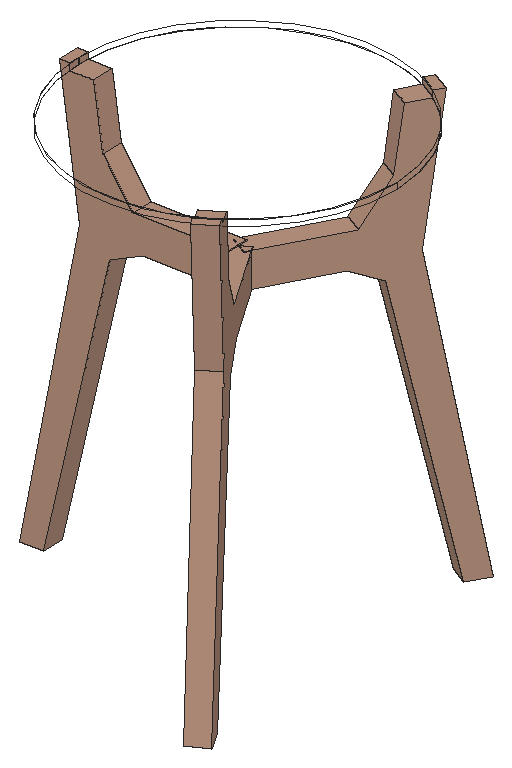
Revit family "Furniture_Table_LIBRA 298.81", category Furniture, Revit 2019
Family settings
  OmniClass Number = 23.21.23.15.17
  Work Plane-Based = Yes
  Always vertical = No
  Cut with Voids When Loaded = No
  Shared = No
  Room Calculation Point = No
Parameters (values of type "LIBRA 298.81")
  Youtube clip = ""
  Uniformat II Description = "Movable Furnishings"
  Uniformat II Code = ""
  Uniclass 2015 Name = ""
  Uniclass 2015 Code = ""
  Uniclass 2.0 Description = ""
  Uniclass 2.0 Code = ""
  Uniclass 1.4 Description = ""
  Uniclass 1.4 Code = ""
  UNSPSC Code = ""
  Technical description = ""
  Frame Material = Wood -Black Walnut
  401D = no
  Region South America = "All"
  Region Oceania = "All"
  Region North America = "All"
  Region Middle East = "All"
  Region Europe = "All"
  Region Asia = "All"
  Region Antarctica = "All"
  Region Africa = "All"
  QR code = "https://www.sandlerseating.com/product/libra-298-81/"
  Product url = "https://www.sandlerseating.com/product/libra-298-81/"
  Product name = "LIBRA 298.81"
  Product group = "Table"
  Product family = "Furniture"
  Product data url = "https://www.sandlerseating.com/product/libra-298-81/"
  Product certification = ""
  Product SKU = "??"
  Product Guid = "??"
  OmniClass Description = ""
  OmniClass Code = "23-21 23 15 17"
  NBS Reference Description = ""
  NBS Reference Code = ""
  Model = "LIBRA 298.81"
  Masterformat 2014 Description = "Table Mats"
  Masterformat 2014 Code = "12 48 43.13"
  Manufacturer name = "Sandler"
  Manufacturer country = "USA"
  Manufacturer = "Sandler"
  401G = no
  Installation instructions = ""
  IFC Classification = "Furnishing Element"
  GTIN code = ""
  Edition number = 1
  Design country = "Brasil"
  Description = "Table"
  Default Elevation = 1219.200 mm
  Date of publishing = ""
  COBIe Type Category = ""
  Brand url = "https://www.sandlerseating.com/"
  BIMobject main category code = "furniture"
  BIMobject main category = "Furniture"
  BIMobject category code = "furniture-table"
  BIMobject category = "Table"
Reference planes
  plane 1 "Center Front/Back": y = 0
  plane 2: z = 0
  plane 3 "Center Left/Right": x = 0
  plane 4: y = 12.5
  plane 5: y = -12.5
Forms (mm)
  Extrusion 1, solid, material "Wood -Black Walnut" <- "Frame Material"
    sketch origin (0, 0, 0) x (1, 0, 0) y (0, 0, 1)
      loop
        line (-229.31, 0) -> (-203.267, 0) -> (-131.252, 311.297) -> (-95, 328.202) -> (0, 328.202) -> (0, 366.345) -> (-106.135, 366.345) -> (-138.711, 412.868) -> (-149.515, 489.741) -> (-186.105, 489.741) -> (-164.288, 334.506) -> (-229.31, 0)
    from -12.5 to 12.5
  Extrusion 2, solid, material "Wood -Black Walnut" <- "Frame Material"
    sketch origin (0, 0, 0) x (-0.5, 0.866025, 0) y (0, 0, 1)
      loop
        line (-229.31, 0) -> (-203.267, 0) -> (-131.252, 311.297) -> (-95, 328.202) -> (0, 328.202) -> (0, 366.345) -> (-106.135, 366.345) -> (-138.711, 412.868) -> (-149.515, 489.741) -> (-186.105, 489.741) -> (-164.288, 334.506) -> (-229.31, 0)
    from -12.5 to 12.5
  Extrusion 3, solid, material "Wood -Black Walnut" <- "Frame Material"
    sketch origin (0, 0, 0) x (-0.5, -0.866025, 0) y (0, 0, 1)
      loop
        line (-229.31, 0) -> (-203.267, 0) -> (-131.252, 311.297) -> (-95, 328.202) -> (0, 328.202) -> (0, 366.345) -> (-106.135, 366.345) -> (-138.711, 412.868) -> (-149.515, 489.741) -> (-186.105, 489.741) -> (-164.288, 334.506) -> (-229.31, 0)
    from -12.5 to 12.5
  Extrusion 4, solid, material "Glass, Bronze Glazing"
    sketch origin (0, 0, 800) x (-1, 0, 0) y (0, -1, 0)
      loop
        circle (0, 0) r 175
    from -317.254 to -310.259
  Extrusion 5, void
    sketch origin (0, 0, 800) x (-1, 0, 0) y (0, -1, 0)
      loop
        circle (0, 0) r 175
    from -317.254 to -310.259
Cuts and joins
  Extrusion 5 cuts Extrusion 1
  Extrusion 5 cuts Extrusion 2
  Extrusion 5 cuts Extrusion 3
Dimensions and locks
  aligned and locked: level to plane 2
